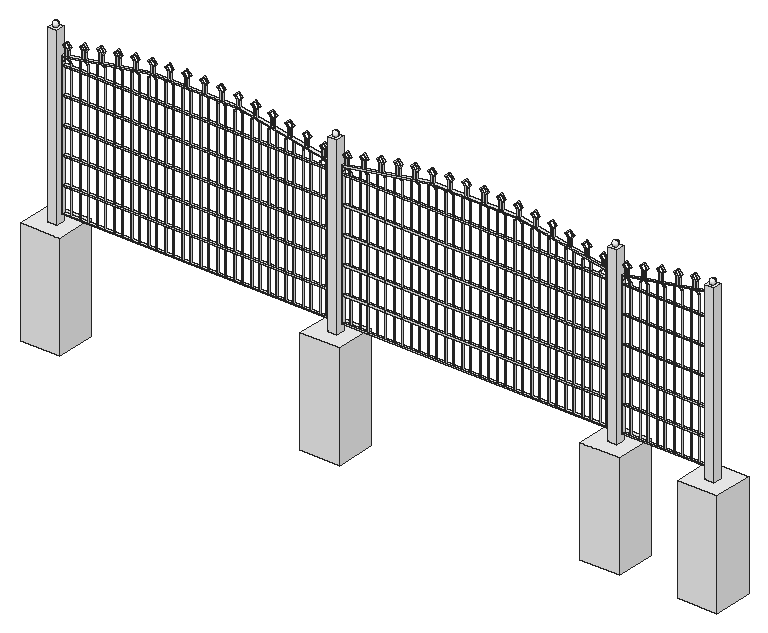
Revit family "NBS_BetafenceLimited_MtlMeshPnlFncngSym_DecoforArco", category Generic Models, Revit 2016
Family settings
  Part Type = Normal
  Can host rebar = No
  Round Connector Dimension = Use Diameter
  OmniClass Number = 23.11.25.19.21
  OmniClass Title = Panel Fences
  Work Plane-Based = No
  Cut with Voids When Loaded = No
  Shared = No
  Room Calculation Point = No
Parameters (values of type "Decofor Arco")
  WarrantyStartDate [instance] = "1900-12-31T23:59:59"
  WarrantyGuarantorParts = "n/a"
  WarrantyGuarantorLabor = "n/a"
  WarrantyDurationUnit = "year"
  WarrantyDurationParts = "n/a"
  WarrantyDurationLabor = "n/a"
  WarrantyDescription = "n/a"
  Version = "1"  # constant formula
  Uniclass2015Version = "Systems v1.6"
  Uniclass2015Title = "Metal mesh panel fencing systems"
  Uniclass2015Code = "Ss_25_14_67_51"
  TagNumber [instance] = "n/a"
  SystemAccessories = "n/a"
  SustainabilityPerformance = "n/a"
  StandardPostAxisOffset = 2130 mm  # constant formula
  Size = "n/a"
  SiteAppliedFinishes = "n/a"
  Shape = "n/a"
  SerialNumber [instance] = "n/a"
  Revision = "n/a"
  ReplacementCost = "n/a"
  Reference = "n/a"
  Rails = "n/a"
  ProductInformation = "//www.betafence.com/en/decofor"
  Posts = "n/a"
  PostThickness = 66 mm  # constant formula
  PostFoundations = "Installation guides available on request"
  Panels = "n/a"
  PanelThickness = 20 mm  # constant formula
  PanelSizeOptions = "2015 x 886 mm, 2015 x 1086 mm, 2015 x 1286 mm, 2015 x 1486 mm"
  PanelOffsetFromPostAxis = PostWidth / 2 + 21 mm  # 54 mm
  PanelOffsetFromPostCL = 10 mm  # constant formula
  PanelMaterial = NBS_BetafenceLimited_MtlMeshPnlFncngSym_DecoforArco_Grid
  PanelHeight = PostHeight - PanelElevation  # 1216 mm
  PanelElevation = 70 mm  # constant formula
  NumberOfStartPosts [instance] = if(HasPostAtStart, 1, 0)  # 1
  NumberOfPanels [instance] = if(HasNonStandardEndPanel, NumberOfWholePanels + 1, NumberOfWholePanels)  # 3
  NumberOfWholePanels [instance] = rounddown([built-in parameter 1001306] / StandardPostAxisOffset)  # 2
  NumberOfIntermediatePosts [instance] = NumberOfPanels - 1  # 2
  NumberOfEndPosts [instance] = if(HasPostOnEnd, 1, 0)  # 1
  NumberOfPosts [instance] = NumberOfStartPosts + NumberOfIntermediatePosts + NumberOfEndPosts  # 4
  NonStandardEndPanelLength [instance] = [built-in parameter 1001306] - StandardPostAxisOffset * NumberOfWholePanels  # 740 mm
  NominalWidth = StandardPostAxisOffset  # 2130 mm
  NominalLength = 0 mm
  NominalHeight = PostHeight  # 1286 mm
  Name = "MetalMeshPanelFencingSystem_DecoforArco_BetafenceLimited"
  NBSTypeID = "n/a"
  NBSReference = "25-20-30/145"
  NBSOfficeMasterTag = "n/a"
  NBSNote = "n/a"
  NBSDescription = "Metal mesh panel fencing system"
  NBSCertification = "www.nationalbimlibrary.com/cert/zpglcewa"
  ModelReference = "Decofor Arco"
  ModelNumber = "n/a"
  Material = "n/a"
  ManufacturerURL = "www.betafence.co.uk"
  ManufacturerName = "Betafence Limited"  # constant formula
  Manufacturer = "sales.sheffield@betafence.com"  # constant formula
  built-in parameter 1001306 [instance] = 5000 mm
  IsExternal = yes
  IsCentreAligned [instance] = no
  InstallationDate [instance] = "1900-12-31T23:59:59"
  IfcExportType = "NOTDEFINED"  # constant formula
  IfcExportAs = "IfcWallType"  # constant formula
  Height = 0 mm  # constant formula
  HasSingleWholePanel [instance] = NumberOfWholePanels = 1  # no
  HasSingleIntermediatePost [instance] = NumberOfIntermediatePosts = 1  # no
  HasMultipleWholePanels [instance] = NumberOfWholePanels > 1  # yes
  HasMultipleIntermediatePosts [instance] = NumberOfIntermediatePosts > 1  # yes
  HasFoundation [instance] = yes
  Has4FoldPanel = (PostHeight > 2001 mm)  # no
  Has3FoldPanel = not(Has4FoldPanel)  # yes
  Grade = "n/a"
  FoundationMaterial = NBS_Concept
  PostWidth = 66 mm  # constant formula
  PostMountDepth = 700 mm  # constant formula
  PostMaterial = NBS_Concept
  PostHeight = 1286 mm  # constant formula
  HasNonStandardEndPanel [instance] = ([built-in parameter 1001306] / StandardPostAxisOffset) > NumberOfWholePanels  # yes
  HasPostOnEnd [instance] = yes
  HasPostAtStart [instance] = yes
  FoundationWidth [instance] = 300 mm
  FoundationDepth [instance] = 800 mm
  Finish = "n/a"
  FenceTopping = "n/a"
  Features = "n/a"
  ExpectedLife = "n/a"
  DurationUnit = "year"
  Diameter = 0 mm
  Description = "n/a"
  Constituents = "n/a"
  Color = "n/a"
  CodePerformance = "n/a"
  Category = "Ss_25_14_67_51:Metal mesh panel fencing systems"
  CalculatedNumberOfWholePanels [instance] = if(NumberOfWholePanels < 2, 2, NumberOfWholePanels)  # 2
  CalculatedNumberOfIntermediatePosts [instance] = if(NumberOfIntermediatePosts < 2, 2, NumberOfIntermediatePosts)  # 2
  CalculatedNonStandardEndPanelLength [instance] = if(NonStandardEndPanelLength < 2 mm, 2 mm, NonStandardEndPanelLength)  # 740 mm
  BaseBoards = "n/a"
  BarCode [instance] = "n/a"
  BIMObjectName = "NBS_BetafenceLimited_MetalMeshPanelFencingSystem_DecoforArco"
  Author = "NBS"  # constant formula
  AssetType = "Fixed"
  AssetIdentifier [instance] = "n/a"
  Applications = "n/a"
  AccessibilityPerformance = "n/a"
Reference planes
  plane 1 "Center (Front/Back)": y = 0
  plane 2: z = 0
  plane 3 "Left": x = 0
  plane 4 "Right": x = 5000
  plane 5: x = 2130
  plane 6: x = 4260
  plane 7: z = 1286
  plane 8: y = 150
  plane 9: y = -150
  plane 10: y = -33
  plane 11: y = 33
  plane 12 "PanelElevation": z = 70
  plane 13: x = 4260
  plane 14: y = -10
  plane 15: z = 1486
Lines and regions (mm)
  reference lines
    curve 1: line (0, 0, 0) -> (5000, 0, 0)
Dimensions and locks
  "built-in parameter 1001306": plane 3 "Left" to plane 4 "Right"
  "StandardPostAxisOffset": plane 3 "Left" to plane 5
  "StandardPostAxisOffset": plane 5 to plane 6
  "PostHeight": plane 7 to plane 2
  equal spacing: plane 9, plane 1 "Center (Front/Back)", plane 8
  "FoundationWidth": plane 9 to plane 8
  equal spacing: plane 10, plane 1 "Center (Front/Back)", plane 11
  "PostThickness": plane 10 to plane 11
  "PanelElevation": plane 12 "PanelElevation" to plane 2
  "CalculatedNonStandardEndPanelLength": plane 13 to plane 4 "Right"
  group 1 to group 2 = 2130 mm
  group 1 to group 2 = 0 mm  (x2)
  "PanelOffsetFromPostCL": plane 14 to plane 1 "Center (Front/Back)"
  group 3 to group 4 = 2130 mm
  group 3 to group 4 = 0 mm  (x2)
  locked: plane 15 to plane 7 at 200
  aligned and locked: plane 4 "Right" to curve 1
  aligned and locked: plane 1 "Center (Front/Back)" to curve 1
  aligned and locked: plane 3 "Left" to curve 1
  aligned and locked: level to plane 2
  aligned and locked: plane 3 "Left" to nested 1
  aligned and locked: plane 1 "Center (Front/Back)" to nested 1
  aligned and locked: plane 4 "Right" to nested 3
  aligned and locked: plane 1 "Center (Front/Back)" to nested 3
  aligned and locked: nested 2 to plane 5
  aligned and locked: plane 1 "Center (Front/Back)" to nested 2
  aligned and locked: plane 3 "Left" to nested 4
  aligned and locked: plane 2 to nested 1
  aligned and locked: plane 2 to nested 2
  aligned and locked: plane 2 to nested 3
  aligned and locked: plane 2 to nested 5
  aligned and locked: nested 5 to plane 5
  aligned and locked: plane 1 "Center (Front/Back)" to nested 5
  aligned and locked: plane 3 "Left" to nested 6
  aligned and locked: nested 6 to nested 4
  aligned and locked: plane 14 to nested 6  (x2)
  aligned and locked: plane 14 to nested 4  (x2)
  aligned and locked: curve 1 to plane 2
  aligned and locked: nested 8 to plane 5
  aligned and locked: plane 14 to nested 8  (x2)
  aligned and locked: plane 12 "PanelElevation" to nested 4
  aligned and locked: plane 12 "PanelElevation" to nested 6
  aligned and locked: plane 12 "PanelElevation" to nested 8
  aligned and locked: nested 7 to plane 6
  aligned and locked: plane 14 to nested 9
  aligned and locked: plane 12 "PanelElevation" to nested 9
  aligned and locked: plane 4 "Right" to nested 9
Nested families
  nested 1: "NBS_BetafenceLimited_MtlMeshPnlFncngSym_DecoforArcoPost" at (0, 0, 0), visible <- "HasPostAtStart", FoundationMaterial <- "FoundationMaterial", FoundationDepth <- "FoundationDepth", FoundationWidth <- "FoundationWidth", PostMountDepth <- "PostMountDepth", PostHeight <- "PostHeight", PostMaterial <- "PostMaterial", HasFoundation <- "HasFoundation", type "NBS_BetafenceLimited_MtlMeshPnlFncngSym_DecoforArco_Post"
    with PostWidth 66 mm, PostThickness 66 mm, PostMountDepth 700 mm, PostMaterial NBS_Concept, PostHeight 1286 mm, PanelOffset 80 mm, HasFoundation yes, FoundationWidth 300 mm, FoundationMaterial NBS_Concept, FoundationDepth 800 mm
  nested 2: "NBS_BetafenceLimited_MtlMeshPnlFncngSym_DecoforArcoPost" at (2130, 0, 0), visible <- "HasSingleIntermediatePost", FoundationMaterial <- "FoundationMaterial", PostMaterial <- "PostMaterial", FoundationDepth <- "FoundationDepth", FoundationWidth <- "FoundationWidth", PostMountDepth <- "PostMountDepth", PostHeight <- "PostHeight", HasFoundation <- "HasFoundation", type "NBS_BetafenceLimited_MtlMeshPnlFncngSym_DecoforArco_Post"
    with PostWidth 66 mm, PostThickness 66 mm, PostMountDepth 700 mm, PostMaterial NBS_Concept, PostHeight 1286 mm, PanelOffset 80 mm, HasFoundation yes, FoundationWidth 300 mm, FoundationMaterial NBS_Concept, FoundationDepth 800 mm
  nested 3: "NBS_BetafenceLimited_MtlMeshPnlFncngSym_DecoforArcoPost" at (5000, 0, 0), visible <- "HasPostOnEnd", FoundationMaterial <- "FoundationMaterial", FoundationDepth <- "FoundationDepth", FoundationWidth <- "FoundationWidth", PostMountDepth <- "PostMountDepth", PostHeight <- "PostHeight", PostMaterial <- "PostMaterial", HasFoundation <- "HasFoundation", type "NBS_BetafenceLimited_MtlMeshPnlFncngSym_DecoforArco_Post"
    with PostWidth 66 mm, PostThickness 66 mm, PostMountDepth 700 mm, PostMaterial NBS_Concept, PostHeight 1286 mm, PanelOffset 80 mm, HasFoundation yes, FoundationWidth 300 mm, FoundationMaterial NBS_Concept, FoundationDepth 800 mm
  nested 4: "NBS_BetafenceLimited_MtlMeshPnlFncngSym_DecoforArco_Panel" at (0, -10, 70), visible <- "HasSingleWholePanel", PanelMaterial <- "PanelMaterial", PanelOffsetFromPostAxis <- "PanelOffsetFromPostAxis", Has4Folds <- "Has4FoldPanel", PanelThickness <- "PanelThickness", PanelLength <- "StandardPostAxisOffset", PanelHeight <- "PanelHeight", type "NBS_BetafenceLimited_MtlMeshPnlFncngSym_DecoforArco_Panel"
    with PanelThickness 20 mm, PanelOffsetFromPostAxis 54 mm, PanelMaterial NBS_BetafenceLimited_MtlMeshPnlFncngSym_DecoforArco_Grid, PanelLength 2130 mm, PanelHeight 1216 mm, PanelCLOffset 1010 mm, IsCentreAligned no, Has4Folds no, Has3Folds yes, CalculatedPanelLength 2130 mm
  nested 5: "NBS_BetafenceLimited_MtlMeshPnlFncngSym_DecoforArcoPost" at (2130, 0, 0), visible <- "HasMultipleIntermediatePosts", FoundationMaterial <- "FoundationMaterial", FoundationDepth <- "FoundationDepth", FoundationWidth <- "FoundationWidth", PostMountDepth <- "PostMountDepth", PostHeight <- "PostHeight", PostMaterial <- "PostMaterial", HasFoundation <- "HasFoundation", type "NBS_BetafenceLimited_MtlMeshPnlFncngSym_DecoforArco_Post"
    with PostWidth 66 mm, PostThickness 66 mm, PostMountDepth 700 mm, PostMaterial NBS_Concept, PostHeight 1286 mm, PanelOffset 80 mm, HasFoundation yes, FoundationWidth 300 mm, FoundationMaterial NBS_Concept, FoundationDepth 800 mm
  nested 6: "NBS_BetafenceLimited_MtlMeshPnlFncngSym_DecoforArco_Panel" at (0, -10, 70), visible <- "HasMultipleWholePanels", PanelMaterial <- "PanelMaterial", PanelOffsetFromPostAxis <- "PanelOffsetFromPostAxis", Has4Folds <- "Has4FoldPanel", PanelLength <- "StandardPostAxisOffset", PanelHeight <- "PanelHeight", type "NBS_BetafenceLimited_MtlMeshPnlFncngSym_DecoforArco_Panel"
    with PanelThickness 20 mm, PanelOffsetFromPostAxis 54 mm, PanelMaterial NBS_BetafenceLimited_MtlMeshPnlFncngSym_DecoforArco_Grid, PanelLength 2130 mm, PanelHeight 1216 mm, PanelCLOffset 1010 mm, IsCentreAligned no, Has4Folds no, Has3Folds yes, CalculatedPanelLength 2130 mm
  nested 7: "NBS_BetafenceLimited_MtlMeshPnlFncngSym_DecoforArcoPost" at (4260, 0, 0), visible <- "HasMultipleIntermediatePosts", FoundationMaterial <- "FoundationMaterial", FoundationDepth <- "FoundationDepth", FoundationWidth <- "FoundationWidth", PostMountDepth <- "PostMountDepth", PostHeight <- "PostHeight", PostMaterial <- "PostMaterial", HasFoundation <- "HasFoundation", type "NBS_BetafenceLimited_MtlMeshPnlFncngSym_DecoforArco_Post"
    with PostWidth 66 mm, PostThickness 66 mm, PostMountDepth 700 mm, PostMaterial NBS_Concept, PostHeight 1286 mm, PanelOffset 80 mm, HasFoundation yes, FoundationWidth 300 mm, FoundationMaterial NBS_Concept, FoundationDepth 800 mm
  nested 8: "NBS_BetafenceLimited_MtlMeshPnlFncngSym_DecoforArco_Panel" at (2130, -10, 70), visible <- "HasMultipleWholePanels", PanelMaterial <- "PanelMaterial", PanelOffsetFromPostAxis <- "PanelOffsetFromPostAxis", Has4Folds <- "Has4FoldPanel", PanelLength <- "StandardPostAxisOffset", PanelHeight <- "PanelHeight", type "NBS_BetafenceLimited_MtlMeshPnlFncngSym_DecoforArco_Panel"
    with PanelThickness 20 mm, PanelOffsetFromPostAxis 54 mm, PanelMaterial NBS_BetafenceLimited_MtlMeshPnlFncngSym_DecoforArco_Grid, PanelLength 2130 mm, PanelHeight 1216 mm, PanelCLOffset 1010 mm, IsCentreAligned no, Has4Folds no, Has3Folds yes, CalculatedPanelLength 2130 mm
  nested 9: "NBS_BetafenceLimited_MtlMeshPnlFncngSym_DecoforArco_Panel" at (4260, -10, 70), PanelOffsetFromPostAxis <- "PanelOffsetFromPostAxis", PanelLength <- "CalculatedNonStandardEndPanelLength", IsCentreAligned <- "IsCentreAligned", PanelHeight <- "PanelHeight", type "NBS_BetafenceLimited_MtlMeshPnlFncngSym_DecoforArco_Panel"
    with PanelThickness 20 mm, PanelOffsetFromPostAxis 54 mm, PanelMaterial NBS_BetafenceLimited_MtlMeshPnlFncngSym_DecoforArco_Grid, PanelLength 740 mm, PanelHeight 1216 mm, PanelCLOffset 1010 mm, IsCentreAligned no, Has4Folds yes, Has3Folds no, CalculatedPanelLength 740 mm
Definition of nested family "NBS_BetafenceLimited_MtlMeshPnlFncngSym_DecoforArcoPost"
  Parameters (values of type "NBS_BetafenceLimited_MtlMeshPnlFncngSym_DecoforArco_Post")
    PostThickness [instance] = 66 mm
    PanelOffset [instance] = 80 mm
    HasFoundation [instance] = yes
    FoundationMaterial [instance] = none
    PostMountDepth [instance] = 431 mm
    PostMaterial [instance] = none
    PostHeight [instance] = 1286 mm
    PostWidth [instance] = 66 mm
    FoundationWidth [instance] = 300 mm
    FoundationDepth [instance] = 500 mm
  Reference planes
    plane 1 "Center (Front/Back)": y = 0
    plane 2: z = 0
    plane 3 "Center (Left/Right)": x = 0
    plane 4: z = 1366
    plane 5: z = -500
    plane 6: z = -431
    plane 7: x = -150
    plane 8: x = 150
    plane 9: y = 150
    plane 10: y = -150
    plane 11 "PanelOffsetBase": z = 80
    plane 12: x = -33
    plane 13: x = 33
    plane 14: y = 33
    plane 15: y = -33
    plane 16: z = 1326
    plane 17: z = 1328
    plane 18: x = 7.5
    plane 19: z = 1346
  Forms (mm)
    Extrusion 1, solid, material <- "PostMaterial", detail levels coarse+medium
      sketch origin (0, 0, 0) x (1, 0, 0) y (0, 1, 0)
        loop
          line (-33, 33) -> (-33, -33) -> (33, -33) -> (33, 33) -> (-33, 33)
      from -431 to 1366
    Extrusion 2, solid, material <- "FoundationMaterial", visible <- "HasFoundation"
      sketch origin (0, 0, 0) x (1, 0, 0) y (0, 1, 0)
        loop
          line (-150, 150) -> (-150, -150) -> (150, -150) -> (150, 150) -> (-150, 150)
      from -500 to 0
    Extrusion 3, void
      sketch origin (0, 0, 0) x (1, 0, 0) y (0, 1, 0)
        loop
          line (-33, 33) -> (-33, -33) -> (33, -33) -> (33, 33) -> (-33, 33)
      from -431 to 0
    Extrusion 4, solid, material <- "PostMaterial", detail levels fine
      sketch origin (0, 0, 0) x (1, 0, 0) y (0, 1, 0)
        loop
          line (-33, 33) -> (-33, -33) -> (33, -33) -> (33, 33) -> (-33, 33)
      from -431 to 1326
    Revolve 5, solid, material <- "PostMaterial", detail levels fine
      sketch origin (0, 0, 0) x (1, 0, 0) y (0, 0, 1)
        loop
          arc (7.5, 1327.46) -> (19.632, 1349.82) -> (0, 1366) r 20
          line (0, 1366) -> (0, 1326) -> (7.5, 1326) -> (7.5, 1327.46)
        axis (0, 1366) -> (0, 1326)
      angle from 0 to 360
  Cuts and joins
    Extrusion 3 cuts Extrusion 2
  Dimensions and locks
    "PostHeight": plane 4 to plane 11 "PanelOffsetBase"
    "FoundationDepth": plane 2 to plane 5
    "PostMountDepth": plane 2 to plane 6
    equal spacing: plane 9, plane 1 "Center (Front/Back)", plane 10
    equal spacing: plane 7, plane 3 "Center (Left/Right)", plane 8
    "FoundationWidth": plane 9 to plane 10
    "FoundationWidth": plane 7 to plane 8
    equal spacing: Extrusion 3 sketch curve, plane 3 "Center (Left/Right)", Extrusion 3 sketch curve
    "PostWidth": Extrusion 3 sketch curve to Extrusion 3 sketch curve
    equal spacing: Extrusion 3 sketch curve, plane 1 "Center (Front/Back)", Extrusion 3 sketch curve
    "PostThickness": Extrusion 3 sketch curve to Extrusion 3 sketch curve
    "PanelOffset": plane 11 "PanelOffsetBase" to plane 2
    equal spacing: plane 14, plane 1 "Center (Front/Back)", plane 15
    "PostThickness": plane 14 to plane 15
    equal spacing: plane 12, plane 3 "Center (Left/Right)", plane 13
    "PostWidth": plane 12 to plane 13
    locked: plane 4 to plane 16 at 40
    locked: plane 17 to plane 16 at 2
    locked: plane 18 to plane 3 "Center (Left/Right)" at 7.5
    locked: plane 4 to plane 19 at 20
    aligned and locked: level to plane 2
    aligned and locked: plane 4 to Extrusion 1
    aligned and locked: Extrusion 2 sketch curve to plane 9
    aligned and locked: plane 7 to Extrusion 2 sketch curve
    aligned and locked: plane 10 to Extrusion 2 sketch curve
    aligned and locked: Extrusion 2 sketch curve to plane 8
    aligned and locked: plane 2 to Extrusion 2
    aligned and locked: plane 5 to Extrusion 2
    aligned and locked: plane 6 to Extrusion 1
    aligned and locked: plane 2 to cut or joined group of Extrusion 2, Extrusion 3
    aligned and locked: plane 6 to cut or joined group of Extrusion 2, Extrusion 3
    aligned and locked: plane 12 to Extrusion 1 sketch curve
    aligned and locked: plane 15 to Extrusion 1 sketch curve
    aligned and locked: Extrusion 1 sketch curve to plane 13
    aligned and locked: Extrusion 1 sketch curve to plane 14
    aligned and locked: Extrusion 4 sketch curve to plane 12
    aligned and locked: Extrusion 4 sketch curve to plane 14
    aligned and locked: Extrusion 4 sketch curve to plane 15
    aligned and locked: Extrusion 4 sketch curve to plane 13
    aligned and locked: plane 6 to Extrusion 4
    aligned and locked: plane 16 to Extrusion 4
    aligned and locked: Revolve 5 sketch curve to plane 18
    aligned and locked: Revolve 5 sketch curve to plane 3 "Center (Left/Right)"  (x2)
    aligned and locked: Revolve 5 sketch curve to plane 16
  Automatic sketch dimensions
    Revolve 5 sketch curve to plane 19 = 0 mm
    Revolve 5 sketch curve to plane 6 = 64.955 mm
    Revolve 5 sketch curve to Revolve 5 sketch curve = 848.315 mm
    radius of Revolve 5 sketch curve = 20 mm
Definition of nested family "NBS_BetafenceLimited_MtlMeshPnlFncngSym_DecoforArco_Panel"
  Parameters (values of type "NBS_BetafenceLimited_MtlMeshPnlFncngSym_DecoforArco")
    PanelOffsetFromPostAxis [instance] = 50 mm
    PanelThickness [instance] = 20 mm
    PanelMaterial [instance] = none
    PanelLength [instance] = 2130 mm
    PanelHeight [instance] = 1200 mm
    PanelCLOffset [instance] = if(IsCentreAligned, PanelLength * 0.5, 1010 mm)  # 1010 mm
    IsCentreAligned [instance] = no
    Has4Folds [instance] = yes
    Has3Folds [instance] = not(Has4Folds)  # no
    FrameMaterial = none
    CalculatedPanelLength [instance] = if(PanelLength < (PanelOffsetFromPostAxis * 2 + 2 mm), PanelOffsetFromPostAxis * 2 + 2 mm, PanelLength)  # 2130 mm
  Reference planes
    plane 1 "Center (Front/Back)": y = 0
    plane 2: z = 0
    plane 3 "Center (Left/Right)": x = 0
    plane 4: x = 2130
    plane 5: x = 50
    plane 6 "RightPostOffset": x = 2080
    plane 7: y = 20
    plane 8: z = 1200
    plane 9 "PanelCL": x = 1060
    plane 10 "LeftPostOffset": x = 50
    plane 11: x = 2070
    plane 12: z = 1008
    plane 13: z = 1285
    plane 14: z = 1066
    plane 15: y = 10
    plane 16: x = 82.5
    plane 17: x = 2037.5
    plane 18: x = 212.5
    plane 19: x = 342.5
    plane 20: x = 472.5
    plane 21: x = 602.5
    plane 22: x = 732.5
    plane 23: x = 862.5
    plane 24: x = 992.5
    plane 25: x = 1907.5
    plane 26: x = 1777.5
    plane 27: x = 1647.5
    plane 28: x = 1517.5
    plane 29: x = 1387.5
    plane 30: x = 1257.5
    plane 31: x = 1127.5
    plane 32: z = 201.6
    plane 33: z = 403.2
    plane 34: z = 604.8
    plane 35: z = 806.4
    plane 36: x = -2080
    plane 37: x = 4210
    plane 38: z = 1385
    plane 39: y = -5
    plane 40: y = 25
    plane 41: z = -5
    plane 42: y = 13
    plane 43: y = 7
    plane 44: z = 1047.393
    plane 45: z = 1114
    plane 46: z = 1135
    plane 47: z = 1168
    plane 48: z = 1029.393
    plane 49: x = 115
    plane 50: x = 50
    plane 51: x = 68.5
    plane 52: x = 96.5
    plane 53: x = 2023.5
    plane 54: x = 2051.5
    plane 55: x = 2005
    plane 56: z = 1298.884
    plane 57: z = 1266.384
    plane 58: z = 1245.384
    plane 59: z = 1180.384
    plane 60: z = 1162.384
    plane 61: x = 978.5
    plane 62: x = 960
    plane 63: x = 1006.5
    plane 64: x = 1025
    plane 65: x = 1095
    plane 66: x = 1113.5
    plane 67: x = 1141.5
    plane 68: x = 1160
    plane 69: z = 1294.223
    plane 70: z = 1261.723
    plane 71: z = 1240.723
    plane 72: z = 1175.723
    plane 73: z = 1157.723
    plane 74: x = 830
    plane 75: x = 848.5
    plane 76: x = 876.5
    plane 77: x = 895
    plane 78: x = 1225
    plane 79: x = 1243.5
    plane 80: x = 1271.5
    plane 81: x = 1290
    plane 82: z = 1284.973
    plane 83: z = 1252.473
    plane 84: z = 1231.473
    plane 85: z = 1166.473
    plane 86: z = 1148.473
    plane 87: x = 718.5
    plane 88: x = 700
    plane 89: x = 746.5
    plane 90: x = 765
    plane 91: x = 1373.5
    plane 92: x = 1401.5
    plane 93: x = 1420
    plane 94: x = 1355
    plane 95: z = 1271.098
    plane 96: z = 1238.598
    plane 97: z = 1217.598
    plane 98: z = 1152.598
    plane 99: z = 1134.598
    plane 100: x = 588.5
    plane 101: x = 570
    plane 102: x = 616.5
    plane 103: x = 635
    plane 104: x = 1503.5
    plane 105: x = 1485
    plane 106: x = 1531.5
    plane 107: x = 1550
    plane 108: z = 1252.545
    plane 109: z = 1220.045
    plane 110: z = 1199.045
    plane 111: z = 1134.045
    plane 112: z = 1116.045
    plane 113: x = 458.5
    plane 114: x = 486.5
    plane 115: x = 505
    plane 116: x = 440
    plane 117: x = 1633.5
    plane 118: x = 1615
    plane 119: x = 1661.5
    plane 120: x = 1680
    plane 121: z = 1229.243
    plane 122: z = 1196.743
    plane 123: z = 1175.743
    plane 124: z = 1110.743
    plane 125: z = 1092.743
    plane 126: x = 328.5
    plane 127: x = 356.5
    plane 128: x = 375
    plane 129: x = 310
    plane 130: x = 1763.5
    plane 131: x = 1791.5
    plane 132: x = 1810
    plane 133: x = 1745
    plane 134: z = 1201.099
    plane 135: z = 1168.599
    plane 136: z = 1147.599
    plane 137: z = 1082.599
    plane 138: z = 1064.599
    plane 139: x = 198.5
    plane 140: x = 226.5
    plane 141: x = 180
    plane 142: x = 245
    plane 143: x = 1893.5
    plane 144: x = 1921.5
    plane 145: x = 1875
    plane 146: x = 1940
  Forms (mm)
    Extrusion 1, solid, material <- "PanelMaterial", detail levels coarse+medium
      sketch origin (0, 0, 0) x (1, 0, 0) y (0, 0, 1)
        loop
          line (50, 1161.216) -> (50, 0) -> (2070, 0) -> (2070, 1161.216)
          arc (2070, 1161.216) -> (1060, 1292) -> (50, 1161.216) r 3965.343
      from -20 to 0
    Extrusion 2, solid, material <- "FrameMaterial", detail levels medium+fine
      sketch origin (0, 0, 0) x (1, 0, 0) y (0, 0, 1)
        loop
          line (50, 1066) -> (50, 0) -> (2070, 0) -> (2070, 1066)
          arc (2070, 1066) -> (1060, 1200) -> (50, 1066) r 3873.343
        loop
          line (58, 1059.869) -> (58, 1008) -> (2062, 1008) -> (2062, 1059.869)
          arc (2062, 1059.869) -> (1060, 1192) -> (58, 1059.869) r 3865.343
        loop
          line (58, 8) -> (2062, 8) -> (2062, 193.6) -> (58, 193.6) -> (58, 8)
        loop
          line (58, 806.4) -> (2062, 806.4) -> (2062, 1000) -> (58, 1000) -> (58, 806.4)
        loop
          line (58, 604.8) -> (2062, 604.8) -> (2062, 798.4) -> (58, 798.4) -> (58, 604.8)
        loop
          line (58, 403.2) -> (2062, 403.2) -> (2062, 596.8) -> (58, 596.8) -> (58, 403.2)
        loop
          line (58, 201.6) -> (2062, 201.6) -> (2062, 395.2) -> (58, 395.2) -> (58, 201.6)
      from -20 to 0
    Extrusion 3, void
      sketch origin (0, 0, 0) x (1, 0, 0) y (0, 1, 0)
        loop
          line (50, 25) -> (-2080, 25) -> (-2080, -5) -> (50, -5) -> (50, 25)
      from 0 to 1385
    Extrusion 4, void
      sketch origin (0, 0, 0) x (1, 0, 0) y (0, 1, 0)
        loop
          line (2080, 25) -> (2080, -5) -> (4210, -5) -> (4210, 25) -> (2080, 25)
      from 0 to 1385
    Extrusion 5, solid, material <- "FrameMaterial", detail levels fine
      sketch origin (0, 0, 0) x (1, 0, 0) y (0, 0, 1)
        loop
          line (115, 1008) -> (109, 1008) -> (109, 0) -> (115, 0) -> (115, 1008)
        loop
          line (245, 1008) -> (239, 1008) -> (239, 0) -> (245, 0) -> (245, 1008)
        loop
          line (180, 0) -> (186, 0) -> (186, 1008) -> (180, 1008) -> (180, 0)
        loop
          line (375, 1008) -> (369, 1008) -> (369, 0) -> (375, 0) -> (375, 1008)
        loop
          line (310, 0) -> (316, 0) -> (316, 1008) -> (310, 1008) -> (310, 0)
        loop
          line (505, 1008) -> (499, 1008) -> (499, 0) -> (505, 0) -> (505, 1008)
        loop
          line (440, 0) -> (446, 0) -> (446, 1008) -> (440, 1008) -> (440, 0)
        loop
          line (635, 1008) -> (629, 1008) -> (629, 0) -> (635, 0) -> (635, 1008)
        loop
          line (570, 0) -> (576, 0) -> (576, 1008) -> (570, 1008) -> (570, 0)
        loop
          line (765, 1008) -> (759, 1008) -> (759, 0) -> (765, 0) -> (765, 1008)
        loop
          line (700, 0) -> (706, 0) -> (706, 1008) -> (700, 1008) -> (700, 0)
        loop
          line (895, 1008) -> (889, 1008) -> (889, 0) -> (895, 0) -> (895, 1008)
        loop
          line (830, 0) -> (836, 0) -> (836, 1008) -> (830, 1008) -> (830, 0)
        loop
          line (1025, 1008) -> (1019, 1008) -> (1019, 0) -> (1025, 0) -> (1025, 1008)
        loop
          line (960, 0) -> (966, 0) -> (966, 1008) -> (960, 1008) -> (960, 0)
        loop
          line (1160, 1008) -> (1154, 1008) -> (1154, 0) -> (1160, 0) -> (1160, 1008)
        loop
          line (1095, 0) -> (1101, 0) -> (1101, 1008) -> (1095, 1008) -> (1095, 0)
        loop
          line (1290, 1008) -> (1284, 1008) -> (1284, 0) -> (1290, 0) -> (1290, 1008)
        loop
          line (1225, 0) -> (1231, 0) -> (1231, 1008) -> (1225, 1008) -> (1225, 0)
        loop
          line (1420, 1008) -> (1414, 1008) -> (1414, 0) -> (1420, 0) -> (1420, 1008)
        loop
          line (1355, 0) -> (1361, 0) -> (1361, 1008) -> (1355, 1008) -> (1355, 0)
        loop
          line (1550, 1008) -> (1544, 1008) -> (1544, 0) -> (1550, 0) -> (1550, 1008)
        loop
          line (1485, 0) -> (1491, 0) -> (1491, 1008) -> (1485, 1008) -> (1485, 0)
        loop
          line (1680, 1008) -> (1674, 1008) -> (1674, 0) -> (1680, 0) -> (1680, 1008)
        loop
          line (1615, 0) -> (1621, 0) -> (1621, 1008) -> (1615, 1008) -> (1615, 0)
        loop
          line (1810, 1008) -> (1804, 1008) -> (1804, 0) -> (1810, 0) -> (1810, 1008)
        loop
          line (1745, 0) -> (1751, 0) -> (1751, 1008) -> (1745, 1008) -> (1745, 0)
        loop
          line (1940, 1008) -> (1934, 1008) -> (1934, 0) -> (1940, 0) -> (1940, 1008)
        loop
          line (1875, 0) -> (1881, 0) -> (1881, 1008) -> (1875, 1008) -> (1875, 0)
        loop
          line (2070, 1008) -> (2064, 1008) -> (2064, 0) -> (2070, 0) -> (2070, 1008)
        loop
          line (2005, 0) -> (2011, 0) -> (2011, 1008) -> (2005, 1008) -> (2005, 0)
        loop
          line (50, 1008) -> (50, 0) -> (56, 0) -> (56, 1008) -> (50, 1008)
      from -13 to -7
    Extrusion 6, solid, material <- "FrameMaterial", detail levels fine
      sketch origin (10, 0, 0) x (1, 0, 0) y (0, 0, 1)
        loop
          line (40, 1008) -> (46, 1008) -> (46, 1026.859) -> (64.5, 1044.859) -> (64.5, 1116.266) -> (48.197, 1134.772) -> (72.5, 1159.449) -> (96.803, 1134.772) -> (80.5, 1116.266) -> (80.5, 1044.859) -> (99, 1026.859) -> (99, 1008) -> (105, 1008) -> (105, 1029.393) -> (86.5, 1047.393) -> (86.5, 1114) -> (105, 1135) -> (72.5, 1168) -> (40, 1135) -> (58.5, 1114) -> (58.5, 1047.393) -> (40, 1029.393) -> (40, 1008)
        loop
          line (2060, 1008) -> (2060, 1029.393) -> (2041.5, 1047.393) -> (2041.5, 1114) -> (2060, 1135) -> (2027.5, 1168) -> (1995, 1135) -> (2013.5, 1114) -> (2013.5, 1047.393) -> (1995, 1029.393) -> (1995, 1008) -> (2001, 1008) -> (2001, 1026.859) -> (2019.5, 1044.859) -> (2019.5, 1116.266) -> (2003.197, 1134.772) -> (2027.5, 1159.449) -> (2051.803, 1134.772) -> (2035.5, 1116.266) -> (2035.5, 1044.859) -> (2054, 1026.859) -> (2054, 1008) -> (2060, 1008)
        loop
          line (950, 1162.384) -> (950, 1008) -> (956, 1008) -> (956, 1159.85) -> (974.5, 1177.85) -> (974.5, 1247.65) -> (958.225, 1266.124) -> (982.5, 1290.399) -> (1006.775, 1266.124) -> (990.5, 1247.65) -> (990.5, 1177.85) -> (1009, 1159.85) -> (1009, 1008) -> (1015, 1008) -> (1015, 1162.384) -> (996.5, 1180.384) -> (996.5, 1245.384) -> (1015, 1266.384) -> (982.5, 1298.884) -> (950, 1266.384) -> (968.5, 1245.384) -> (968.5, 1180.384) -> (950, 1162.384)
        loop
          line (1085, 1162.384) -> (1085, 1008) -> (1091, 1008) -> (1091, 1159.85) -> (1109.5, 1177.85) -> (1109.5, 1247.65) -> (1093.225, 1266.124) -> (1117.5, 1290.399) -> (1141.775, 1266.124) -> (1125.5, 1247.65) -> (1125.5, 1177.85) -> (1144, 1159.85) -> (1144, 1008) -> (1150, 1008) -> (1150, 1162.384) -> (1131.5, 1180.384) -> (1131.5, 1245.384) -> (1150, 1266.384) -> (1117.5, 1298.884) -> (1085, 1266.384) -> (1103.5, 1245.384) -> (1103.5, 1180.384) -> (1085, 1162.384)
        loop
          line (820, 1157.723) -> (820, 1008) -> (826, 1008) -> (826, 1155.19) -> (844.5, 1173.19) -> (844.5, 1242.989) -> (828.225, 1261.463) -> (852.5, 1285.738) -> (876.775, 1261.463) -> (860.5, 1242.989) -> (860.5, 1173.19) -> (879, 1155.19) -> (879, 1008) -> (885, 1008) -> (885, 1157.723) -> (866.5, 1175.723) -> (866.5, 1240.723) -> (885, 1261.723) -> (852.5, 1294.223) -> (820, 1261.723) -> (838.5, 1240.723) -> (838.5, 1175.723) -> (820, 1157.723)
        loop
          line (1215, 1157.723) -> (1215, 1008) -> (1221, 1008) -> (1221, 1155.19) -> (1239.5, 1173.19) -> (1239.5, 1242.989) -> (1223.225, 1261.463) -> (1247.5, 1285.738) -> (1271.775, 1261.463) -> (1255.5, 1242.989) -> (1255.5, 1173.19) -> (1274, 1155.19) -> (1274, 1008) -> (1280, 1008) -> (1280, 1157.723) -> (1261.5, 1175.723) -> (1261.5, 1240.723) -> (1280, 1261.723) -> (1247.5, 1294.223) -> (1215, 1261.723) -> (1233.5, 1240.723) -> (1233.5, 1175.723) -> (1215, 1157.723)
        loop
          line (755, 1148.473) -> (736.5, 1166.473) -> (736.5, 1231.473) -> (755, 1252.473) -> (722.5, 1284.973) -> (690, 1252.473) -> (708.5, 1231.473) -> (708.5, 1166.473) -> (690, 1148.473) -> (690, 1008) -> (696, 1008) -> (696, 1145.939) -> (714.5, 1163.939) -> (714.5, 1233.739) -> (698.225, 1252.213) -> (722.5, 1276.488) -> (746.775, 1252.213) -> (730.5, 1233.739) -> (730.5, 1163.939) -> (749, 1145.939) -> (749, 1008) -> (755, 1008) -> (755, 1148.473)
        loop
          line (1410, 1148.473) -> (1391.5, 1166.473) -> (1391.5, 1231.473) -> (1410, 1252.473) -> (1377.5, 1284.973) -> (1345, 1252.473) -> (1363.5, 1231.473) -> (1363.5, 1166.473) -> (1345, 1148.473) -> (1345, 1008) -> (1351, 1008) -> (1351, 1145.939) -> (1369.5, 1163.939) -> (1369.5, 1233.739) -> (1353.225, 1252.213) -> (1377.5, 1276.488) -> (1401.775, 1252.213) -> (1385.5, 1233.739) -> (1385.5, 1163.939) -> (1404, 1145.939) -> (1404, 1008) -> (1410, 1008) -> (1410, 1148.473)
        loop
          line (625, 1134.598) -> (606.5, 1152.598) -> (606.5, 1217.598) -> (625, 1238.598) -> (592.5, 1271.098) -> (560, 1238.598) -> (578.5, 1217.598) -> (578.5, 1152.598) -> (560, 1134.598) -> (560, 1008) -> (566, 1008) -> (566, 1132.064) -> (584.5, 1150.064) -> (584.5, 1219.863) -> (568.225, 1238.338) -> (592.5, 1262.612) -> (616.775, 1238.338) -> (600.5, 1219.863) -> (600.5, 1150.064) -> (619, 1132.064) -> (619, 1008) -> (625, 1008) -> (625, 1134.598)
        loop
          line (1540, 1134.598) -> (1521.5, 1152.598) -> (1521.5, 1217.598) -> (1540, 1238.598) -> (1507.5, 1271.098) -> (1475, 1238.598) -> (1493.5, 1217.598) -> (1493.5, 1152.598) -> (1475, 1134.598) -> (1475, 1008) -> (1481, 1008) -> (1481, 1132.064) -> (1499.5, 1150.064) -> (1499.5, 1219.863) -> (1483.225, 1238.338) -> (1507.5, 1262.612) -> (1531.775, 1238.338) -> (1515.5, 1219.863) -> (1515.5, 1150.064) -> (1534, 1132.064) -> (1534, 1008) -> (1540, 1008) -> (1540, 1134.598)
        loop
          line (495, 1116.045) -> (476.5, 1134.045) -> (476.5, 1199.045) -> (495, 1220.045) -> (462.5, 1252.545) -> (430, 1220.045) -> (448.5, 1199.045) -> (448.5, 1134.045) -> (430, 1116.045) -> (430, 1008) -> (436, 1008) -> (436, 1113.511) -> (454.5, 1131.511) -> (454.5, 1201.311) -> (438.225, 1219.785) -> (462.5, 1244.059) -> (486.775, 1219.785) -> (470.5, 1201.311) -> (470.5, 1131.511) -> (489, 1113.511) -> (489, 1008) -> (495, 1008) -> (495, 1116.045)
        loop
          line (1670, 1116.045) -> (1651.5, 1134.045) -> (1651.5, 1199.045) -> (1670, 1220.045) -> (1637.5, 1252.545) -> (1605, 1220.045) -> (1623.5, 1199.045) -> (1623.5, 1134.045) -> (1605, 1116.045) -> (1605, 1008) -> (1611, 1008) -> (1611, 1113.511) -> (1629.5, 1131.511) -> (1629.5, 1201.311) -> (1613.225, 1219.785) -> (1637.5, 1244.059) -> (1661.775, 1219.785) -> (1645.5, 1201.311) -> (1645.5, 1131.511) -> (1664, 1113.511) -> (1664, 1008) -> (1670, 1008) -> (1670, 1116.045)
        loop
          line (300, 1092.743) -> (300, 1008) -> (306, 1008) -> (306, 1090.209) -> (324.5, 1108.209) -> (324.5, 1178.009) -> (308.225, 1196.483) -> (332.5, 1220.758) -> (356.775, 1196.483) -> (340.5, 1178.009) -> (340.5, 1108.209) -> (359, 1090.209) -> (359, 1008) -> (365, 1008) -> (365, 1092.743) -> (346.5, 1110.743) -> (346.5, 1175.743) -> (365, 1196.743) -> (332.5, 1229.243) -> (300, 1196.743) -> (318.5, 1175.743) -> (318.5, 1110.743) -> (300, 1092.743)
        loop
          line (1735, 1092.743) -> (1735, 1008) -> (1741, 1008) -> (1741, 1090.209) -> (1759.5, 1108.209) -> (1759.5, 1178.009) -> (1743.225, 1196.483) -> (1767.5, 1220.758) -> (1791.775, 1196.483) -> (1775.5, 1178.009) -> (1775.5, 1108.209) -> (1794, 1090.209) -> (1794, 1008) -> (1800, 1008) -> (1800, 1092.743) -> (1781.5, 1110.743) -> (1781.5, 1175.743) -> (1800, 1196.743) -> (1767.5, 1229.243) -> (1735, 1196.743) -> (1753.5, 1175.743) -> (1753.5, 1110.743) -> (1735, 1092.743)
        loop
          line (170, 1064.599) -> (170, 1008) -> (176, 1008) -> (176, 1062.066) -> (194.5, 1080.066) -> (194.5, 1149.865) -> (178.225, 1168.339) -> (202.5, 1192.614) -> (226.775, 1168.339) -> (210.5, 1149.865) -> (210.5, 1080.066) -> (229, 1062.066) -> (229, 1008) -> (235, 1008) -> (235, 1064.599) -> (216.5, 1082.599) -> (216.5, 1147.599) -> (235, 1168.599) -> (202.5, 1201.099) -> (170, 1168.599) -> (188.5, 1147.599) -> (188.5, 1082.599) -> (170, 1064.599)
        loop
          line (1865, 1064.599) -> (1865, 1008) -> (1871, 1008) -> (1871, 1062.066) -> (1889.5, 1080.066) -> (1889.5, 1149.865) -> (1873.225, 1168.339) -> (1897.5, 1192.614) -> (1921.775, 1168.339) -> (1905.5, 1149.865) -> (1905.5, 1080.066) -> (1924, 1062.066) -> (1924, 1008) -> (1930, 1008) -> (1930, 1064.599) -> (1911.5, 1082.599) -> (1911.5, 1147.599) -> (1930, 1168.599) -> (1897.5, 1201.099) -> (1865, 1168.599) -> (1883.5, 1147.599) -> (1883.5, 1082.599) -> (1865, 1064.599)
      from -13 to -7
  Cuts and joins
    Extrusion 3, Extrusion 4 cuts Extrusion 2
    Extrusion 3, Extrusion 4 cuts Extrusion 1
    Extrusion 3, Extrusion 4 cuts Extrusion 5
    Extrusion 3, Extrusion 4 cuts Extrusion 6
  Lines and regions (mm)
    reference lines
      curve 1: arc (50, 0, 1066) -> (1060, 0, 1200) -> (2070, 0, 1066) r 3873.343
      curve 2: arc (82.5, 0, 1168) -> (1060, 0, 1299.5) -> (2037.5, 0, 1168) r 3698.854
  Dimensions and locks
    "CalculatedPanelLength": plane 3 "Center (Left/Right)" to plane 4
    "PanelOffsetFromPostAxis": plane 3 "Center (Left/Right)" to plane 5
    "PanelOffsetFromPostAxis": plane 6 "RightPostOffset" to plane 4
    "PanelHeight": plane 8 to plane 2
    "PanelThickness": plane 1 "Center (Front/Back)" to plane 7
    "PanelCLOffset": plane 5 to plane 9 "PanelCL"
    equal spacing: plane 10 "LeftPostOffset", plane 9 "PanelCL", plane 11
    locked: plane 10 "LeftPostOffset" to plane 11 at 2020
    locked: plane 8 to plane 12 at 192
    locked: plane 13 to plane 8 at 85
    locked: plane 14 to plane 12 at 58
    equal spacing: plane 1 "Center (Front/Back)", plane 15, plane 7
    equal spacing: plane 31, plane 9 "PanelCL", plane 24
    locked: plane 31 to plane 24 at 135
    equal spacing: plane 24, plane 23, plane 22, plane 21, plane 20, plane 19, plane 18, plane 16
    equal spacing: plane 31, plane 30, plane 29, plane 28, plane 27, plane 26, plane 25, plane 17
    locked: plane 16 to plane 10 "LeftPostOffset" at 32.5
    locked: plane 17 to plane 11 at 32.5
    equal spacing: plane 12, plane 35, plane 34, plane 33, plane 32, plane 2
    locked: plane 38 to plane 13 at 100
    locked: plane 5 to plane 36 at 2130
    locked: plane 37 to plane 6 "RightPostOffset" at 2130
    locked: plane 7 to plane 40 at 5
    locked: plane 39 to plane 1 "Center (Front/Back)" at 5
    locked: plane 2 to plane 41 at 5
    equal spacing: plane 42, plane 15, plane 43
    locked: plane 42 to plane 43 at 6
    locked: plane 14 to plane 44 at 18.607
    locked: plane 44 to plane 48 at 18
    locked: plane 45 to plane 14 at 48
    locked: plane 46 to plane 45 at 21
    locked: plane 47 to plane 46 at 33
    equal spacing: plane 52, plane 16, plane 51
    locked: plane 52 to plane 51 at 28
    equal spacing: plane 49, plane 16, plane 50
    locked: plane 49 to plane 50 at 65
    equal spacing: plane 53, plane 17, plane 54
    locked: plane 53 to plane 54 at 28
    locked: plane 17 to plane 55 at 32.5
    locked: plane 56 to plane 12 at 290.884
    locked: plane 56 to plane 57 at 32.5
    locked: plane 57 to plane 58 at 21
    locked: plane 58 to plane 59 at 65
    locked: plane 59 to plane 60 at 18
    equal spacing: plane 67, plane 31, plane 66
    locked: plane 67 to plane 66 at 28
    equal spacing: plane 68, plane 31, plane 65
    locked: plane 68 to plane 65 at 65
    equal spacing: plane 63, plane 24, plane 61
    locked: plane 63 to plane 61 at 28
    equal spacing: plane 64, plane 24, plane 62
    locked: plane 64 to plane 62 at 65
    locked: plane 69 to plane 12 at 286.223
    locked: plane 69 to plane 70 at 32.5
    locked: plane 70 to plane 71 at 21
    locked: plane 71 to plane 72 at 65
    locked: plane 72 to plane 73 at 18
    equal spacing: plane 76, plane 23, plane 75
    locked: plane 76 to plane 75 at 28
    equal spacing: plane 77, plane 23, plane 74
    locked: plane 77 to plane 74 at 65
    equal spacing: plane 80, plane 30, plane 79
    locked: plane 80 to plane 79 at 28
    equal spacing: plane 81, plane 30, plane 78
    locked: plane 81 to plane 78 at 65
    locked: plane 82 to plane 12 at 276.973
    locked: plane 82 to plane 83 at 32.5
    locked: plane 83 to plane 84 at 21
    locked: plane 84 to plane 85 at 65
    locked: plane 85 to plane 86 at 18
    equal spacing: plane 89, plane 22, plane 87
    locked: plane 89 to plane 87 at 28
    equal spacing: plane 90, plane 22, plane 88
    locked: plane 90 to plane 88 at 65
    equal spacing: plane 92, plane 29, plane 91
    locked: plane 92 to plane 91 at 28
    equal spacing: plane 93, plane 29, plane 94
    locked: plane 93 to plane 94 at 65
    locked: plane 95 to plane 12 at 263.098
    locked: plane 95 to plane 96 at 32.5
    locked: plane 96 to plane 97 at 21
    locked: plane 97 to plane 98 at 65
    locked: plane 98 to plane 99 at 18
    equal spacing: plane 102, plane 21, plane 100
    locked: plane 102 to plane 100 at 28
    equal spacing: plane 103, plane 21, plane 101
    locked: plane 103 to plane 101 at 65
    equal spacing: plane 106, plane 28, plane 104
    locked: plane 106 to plane 104 at 28
    equal spacing: plane 107, plane 28, plane 105
    locked: plane 107 to plane 105 at 65
    locked: plane 108 to plane 12 at 244.545
    locked: plane 108 to plane 109 at 32.5
    locked: plane 109 to plane 110 at 21
    locked: plane 110 to plane 111 at 65
    locked: plane 111 to plane 112 at 18
    equal spacing: plane 114, plane 20, plane 113
    locked: plane 114 to plane 113 at 28
    equal spacing: plane 115, plane 20, plane 116
    locked: plane 115 to plane 116 at 65
    equal spacing: plane 119, plane 27, plane 117
    locked: plane 119 to plane 117 at 28
    equal spacing: plane 120, plane 27, plane 118
    locked: plane 120 to plane 118 at 65
    locked: plane 121 to plane 12 at 221.243
    locked: plane 121 to plane 122 at 32.5
    locked: plane 122 to plane 123 at 21
    locked: plane 123 to plane 124 at 65
    locked: plane 124 to plane 125 at 18
    equal spacing: plane 127, plane 19, plane 126
    locked: plane 127 to plane 126 at 28
    equal spacing: plane 128, plane 19, plane 129
    locked: plane 128 to plane 129 at 65
    equal spacing: plane 131, plane 26, plane 130
    locked: plane 131 to plane 130 at 28
    equal spacing: plane 132, plane 26, plane 133
    locked: plane 132 to plane 133 at 65
    locked: plane 134 to plane 12 at 193.099
    locked: plane 134 to plane 135 at 32.5
    locked: plane 135 to plane 136 at 21
    locked: plane 136 to plane 137 at 65
    locked: plane 137 to plane 138 at 18
    equal spacing: plane 140, plane 18, plane 139
    locked: plane 140 to plane 139 at 28
    equal spacing: plane 142, plane 18, plane 141
    locked: plane 142 to plane 141 at 65
    equal spacing: plane 144, plane 25, plane 143
    locked: plane 144 to plane 143 at 28
    equal spacing: plane 146, plane 25, plane 145
    locked: plane 146 to plane 145 at 65
    aligned and locked: level to plane 2
    aligned and locked: Extrusion 1 sketch curve to plane 10 "LeftPostOffset"
    aligned and locked: Extrusion 1 sketch curve to plane 11
    aligned and locked: Extrusion 1 sketch curve to plane 2
    aligned and locked: Extrusion 1 to plane 7
    aligned and locked: plane 1 "Center (Front/Back)" to Extrusion 1
    aligned and locked: Extrusion 2 sketch curve to plane 10 "LeftPostOffset"
    aligned and locked: Extrusion 2 sketch curve to plane 11
    aligned and locked: Extrusion 2 sketch curve to plane 2
    aligned and locked: Extrusion 2 to plane 7
    aligned and locked: plane 1 "Center (Front/Back)" to Extrusion 2
    aligned and locked: Extrusion 2 sketch curve to plane 12
    aligned and locked: Extrusion 2 sketch curve to plane 35
    aligned and locked: Extrusion 2 sketch curve to plane 34
    aligned and locked: Extrusion 2 sketch curve to plane 33
    aligned and locked: Extrusion 2 sketch curve to plane 32
    aligned and locked: Extrusion 3 sketch curve to plane 5
    aligned and locked: Extrusion 3 sketch curve to plane 39
    aligned and locked: Extrusion 3 sketch curve to plane 40
    aligned and locked: Extrusion 3 sketch curve to plane 36
    aligned and locked: plane 38 to Extrusion 3
    aligned and locked: Extrusion 4 sketch curve to plane 6 "RightPostOffset"
    aligned and locked: Extrusion 4 sketch curve to plane 40
    aligned and locked: Extrusion 4 sketch curve to plane 39
    aligned and locked: Extrusion 4 sketch curve to plane 37
    aligned and locked: Extrusion 4 to plane 38
    aligned and locked: plane 42 to Extrusion 5
    aligned and locked: Extrusion 5 to plane 43
    aligned and locked: Extrusion 5 sketch curve to plane 50
    aligned and locked: Extrusion 5 sketch curve to plane 12
    aligned and locked: Extrusion 5 sketch curve to plane 2
    aligned and locked: plane 50 to curve 1
    aligned and locked: plane 11 to curve 1
    aligned and locked: plane 14 to curve 1
    aligned and locked: plane 48 to Extrusion 6 sketch curve  (x4)
    aligned and locked: plane 44 to Extrusion 6 sketch curve  (x4)
    aligned and locked: plane 45 to Extrusion 6 sketch curve  (x4)
    aligned and locked: plane 46 to Extrusion 6 sketch curve  (x4)
    aligned and locked: plane 47 to Extrusion 6 sketch curve  (x2)
    aligned and locked: plane 49 to Extrusion 6 sketch curve  (x2)
    aligned and locked: plane 50 to Extrusion 6 sketch curve  (x2)
    aligned and locked: plane 16 to Extrusion 6 sketch curve  (x2)
    aligned and locked: plane 51 to Extrusion 6 sketch curve
    aligned and locked: plane 12 to Extrusion 6 sketch curve  (x11)
    aligned and locked: plane 52 to Extrusion 6 sketch curve
    aligned and locked: plane 42 to Extrusion 6
    aligned and locked: Extrusion 6 to plane 43
    aligned and locked: plane 11 to Extrusion 6 sketch curve  (x2)
    aligned and locked: plane 54 to Extrusion 6 sketch curve  (x2)
    aligned and locked: plane 17 to Extrusion 6 sketch curve  (x2)
    aligned and locked: plane 55 to Extrusion 6 sketch curve  (x2)
    aligned and locked: plane 53 to Extrusion 6 sketch curve
    aligned and locked: plane 48 to cut or joined group of Extrusion 3, Extrusion 4, Extrusion 6  (x2)
    aligned and locked: Extrusion 6 sketch curve to plane 64
    aligned and locked: Extrusion 6 sketch curve to plane 62
    aligned and locked: Extrusion 6 sketch curve to plane 12  (x23)
    aligned and locked: plane 60 to Extrusion 6 sketch curve  (x3)
    aligned and locked: plane 59 to Extrusion 6 sketch curve  (x4)
    aligned and locked: plane 58 to Extrusion 6 sketch curve  (x4)
    aligned and locked: plane 57 to Extrusion 6 sketch curve  (x3)
    aligned and locked: Extrusion 6 sketch curve to plane 65
    aligned and locked: Extrusion 6 sketch curve to plane 68
    aligned and locked: Extrusion 6 sketch curve to plane 60
    aligned and locked: Extrusion 6 sketch curve to plane 66
    aligned and locked: Extrusion 6 sketch curve to plane 67
    aligned and locked: Extrusion 6 sketch curve to plane 57
    aligned and locked: plane 68 to Extrusion 6 sketch curve
    aligned and locked: plane 65 to Extrusion 6 sketch curve
    aligned and locked: plane 31 to Extrusion 6 sketch curve  (x2)
    aligned and locked: plane 64 to Extrusion 6 sketch curve
    aligned and locked: plane 62 to Extrusion 6 sketch curve
    aligned and locked: plane 24 to Extrusion 6 sketch curve  (x2)
    aligned and locked: plane 63 to Extrusion 6 sketch curve
    aligned and locked: plane 61 to Extrusion 6 sketch curve
    aligned and locked: Extrusion 6 sketch curve to plane 74
    aligned and locked: Extrusion 6 sketch curve to plane 77
    aligned and locked: Extrusion 6 sketch curve to plane 76
    aligned and locked: Extrusion 6 sketch curve to plane 75
    aligned and locked: plane 73 to Extrusion 6 sketch curve  (x4)
    aligned and locked: plane 72 to Extrusion 6 sketch curve  (x4)
    aligned and locked: plane 70 to Extrusion 6 sketch curve  (x4)
    aligned and locked: plane 71 to Extrusion 6 sketch curve  (x4)
    aligned and locked: Extrusion 6 sketch curve to plane 78
    aligned and locked: Extrusion 6 sketch curve to plane 81
    aligned and locked: Extrusion 6 sketch curve to plane 80
    aligned and locked: Extrusion 6 sketch curve to plane 79
    aligned and locked: plane 16 to curve 2
    aligned and locked: plane 17 to cut or joined group of Extrusion 3, Extrusion 4, Extrusion 6
    aligned and locked: plane 17 to curve 2
    aligned and locked: Extrusion 6 sketch curve to plane 90
    aligned and locked: Extrusion 6 sketch curve to plane 89
    aligned and locked: Extrusion 6 sketch curve to plane 87
    aligned and locked: Extrusion 6 sketch curve to plane 88
    aligned and locked: plane 86 to Extrusion 6 sketch curve  (x3)
    aligned and locked: plane 85 to Extrusion 6 sketch curve  (x4)
    aligned and locked: plane 23 to Extrusion 6 sketch curve  (x2)
    aligned and locked: plane 30 to Extrusion 6 sketch curve  (x2)
    aligned and locked: plane 84 to Extrusion 6 sketch curve  (x4)
    aligned and locked: plane 83 to Extrusion 6 sketch curve  (x3)
    aligned and locked: plane 90 to Extrusion 6 sketch curve
    aligned and locked: plane 88 to Extrusion 6 sketch curve
    aligned and locked: plane 22 to Extrusion 6 sketch curve  (x2)
    aligned and locked: plane 82 to Extrusion 6 sketch curve  (x2)
    aligned and locked: Extrusion 6 sketch curve to plane 93
    aligned and locked: Extrusion 6 sketch curve to plane 92
    aligned and locked: Extrusion 6 sketch curve to plane 94
    aligned and locked: Extrusion 6 sketch curve to plane 91
    aligned and locked: Extrusion 6 sketch curve to plane 86
    aligned and locked: plane 92 to Extrusion 6 sketch curve
    aligned and locked: Extrusion 6 sketch curve to plane 83
    aligned and locked: plane 29 to Extrusion 6 sketch curve  (x2)
    aligned and locked: plane 93 to Extrusion 6 sketch curve
    aligned and locked: plane 94 to Extrusion 6 sketch curve
    aligned and locked: Extrusion 6 sketch curve to plane 103
    aligned and locked: Extrusion 6 sketch curve to plane 102
    aligned and locked: Extrusion 6 sketch curve to plane 100
    aligned and locked: Extrusion 6 sketch curve to plane 101
    aligned and locked: plane 99 to Extrusion 6 sketch curve  (x4)
    aligned and locked: plane 98 to Extrusion 6 sketch curve  (x4)
    aligned and locked: plane 97 to Extrusion 6 sketch curve  (x4)
    aligned and locked: plane 96 to Extrusion 6 sketch curve  (x4)
    aligned and locked: plane 21 to Extrusion 6 sketch curve  (x2)
    aligned and locked: plane 103 to Extrusion 6 sketch curve
    aligned and locked: plane 101 to Extrusion 6 sketch curve
    aligned and locked: Extrusion 6 sketch curve to plane 107
    aligned and locked: Extrusion 6 sketch curve to plane 106
    aligned and locked: Extrusion 6 sketch curve to plane 104
    aligned and locked: Extrusion 6 sketch curve to plane 105
    aligned and locked: plane 28 to Extrusion 6 sketch curve  (x2)
    aligned and locked: plane 107 to Extrusion 6 sketch curve
    aligned and locked: plane 105 to Extrusion 6 sketch curve
    aligned and locked: Extrusion 6 sketch curve to plane 115
    aligned and locked: Extrusion 6 sketch curve to plane 114
    aligned and locked: Extrusion 6 sketch curve to plane 113
    aligned and locked: Extrusion 6 sketch curve to plane 116
    aligned and locked: plane 112 to Extrusion 6 sketch curve  (x4)
    aligned and locked: plane 111 to Extrusion 6 sketch curve  (x4)
    aligned and locked: plane 110 to Extrusion 6 sketch curve  (x4)
    aligned and locked: plane 109 to Extrusion 6 sketch curve  (x4)
    aligned and locked: plane 116 to Extrusion 6 sketch curve
    aligned and locked: plane 20 to Extrusion 6 sketch curve  (x2)
    aligned and locked: plane 115 to Extrusion 6 sketch curve
    aligned and locked: Extrusion 6 sketch curve to plane 120
    aligned and locked: Extrusion 6 sketch curve to plane 119
    aligned and locked: Extrusion 6 sketch curve to plane 117
    aligned and locked: Extrusion 6 sketch curve to plane 118
    aligned and locked: plane 118 to Extrusion 6 sketch curve
    aligned and locked: plane 108 to Extrusion 6 sketch curve
    aligned and locked: plane 27 to Extrusion 6 sketch curve  (x2)
    aligned and locked: plane 120 to Extrusion 6 sketch curve
    aligned and locked: Extrusion 6 sketch curve to plane 129
    aligned and locked: Extrusion 6 sketch curve to plane 126
    aligned and locked: Extrusion 6 sketch curve to plane 127
    aligned and locked: Extrusion 6 sketch curve to plane 128
    aligned and locked: plane 124 to Extrusion 6 sketch curve  (x4)
    aligned and locked: plane 125 to Extrusion 6 sketch curve  (x4)
    aligned and locked: plane 122 to Extrusion 6 sketch curve  (x4)
    aligned and locked: plane 123 to Extrusion 6 sketch curve  (x4)
    aligned and locked: plane 128 to Extrusion 6 sketch curve
    aligned and locked: plane 129 to Extrusion 6 sketch curve
    aligned and locked: plane 19 to Extrusion 6 sketch curve  (x2)
    aligned and locked: Extrusion 6 sketch curve to plane 133
    aligned and locked: Extrusion 6 sketch curve to plane 130
    aligned and locked: Extrusion 6 sketch curve to plane 131
    aligned and locked: Extrusion 6 sketch curve to plane 132
    aligned and locked: plane 132 to Extrusion 6 sketch curve
    aligned and locked: plane 26 to Extrusion 6 sketch curve  (x2)
    aligned and locked: plane 133 to Extrusion 6 sketch curve
    aligned and locked: Extrusion 6 sketch curve to plane 141
    aligned and locked: Extrusion 6 sketch curve to plane 139
    aligned and locked: Extrusion 6 sketch curve to plane 140
    aligned and locked: Extrusion 6 sketch curve to plane 142
    aligned and locked: plane 137 to Extrusion 6 sketch curve  (x4)
    aligned and locked: plane 138 to Extrusion 6 sketch curve  (x4)
    aligned and locked: plane 136 to Extrusion 6 sketch curve  (x4)
    aligned and locked: plane 135 to Extrusion 6 sketch curve  (x4)
    aligned and locked: plane 141 to Extrusion 6 sketch curve
    aligned and locked: plane 18 to Extrusion 6 sketch curve  (x2)
    aligned and locked: plane 142 to Extrusion 6 sketch curve
    aligned and locked: Extrusion 6 sketch curve to plane 145
    aligned and locked: Extrusion 6 sketch curve to plane 143
    aligned and locked: Extrusion 6 sketch curve to plane 144
    aligned and locked: Extrusion 6 sketch curve to plane 146
    aligned and locked: plane 145 to Extrusion 6 sketch curve
    aligned and locked: plane 146 to Extrusion 6 sketch curve
    aligned and locked: plane 25 to Extrusion 6 sketch curve  (x2)
    aligned and locked: plane 77 to Extrusion 6 sketch curve
    aligned and locked: plane 74 to Extrusion 6 sketch curve
    aligned and locked: plane 81 to Extrusion 6 sketch curve
    aligned and locked: plane 78 to Extrusion 6 sketch curve
    aligned and locked: plane 47 to curve 2
  Automatic sketch dimensions
    plane 9 "PanelCL" to Extrusion 2 sketch curve = 0 mm
    Extrusion 2 sketch curve to plane 14 = 0 mm
    Extrusion 2 sketch curve to Extrusion 2 sketch curve = 0 mm  (x11)
    plane 11 to Extrusion 2 sketch curve = 8 mm
    Extrusion 2 sketch curve to plane 14 = 6.131 mm  (x2)
    level to Extrusion 2 sketch curve = 8 mm
    Extrusion 2 sketch curve to level = 2673.343 mm
    Extrusion 2 sketch curve to plane 12 = 8 mm
    Extrusion 2 sketch curve to plane 34 = 8 mm
    Extrusion 2 sketch curve to plane 33 = 8 mm
    Extrusion 2 sketch curve to Extrusion 2 sketch curve = 8 mm  (x2)
    plane 10 "LeftPostOffset" to Extrusion 2 sketch curve = 8 mm
    Extrusion 5 sketch curve to level = 0 mm  (x31)
    Extrusion 5 sketch curve to plane 12 = 0 mm  (x31)
    plane 11 to Extrusion 5 sketch curve = 0 mm
    plane 16 to Extrusion 5 sketch curve = 26.5 mm
    Extrusion 5 sketch curve to Extrusion 5 sketch curve = 6 mm  (x30)
    Extrusion 5 sketch curve to plane 18 = 32.5 mm
    plane 18 to Extrusion 5 sketch curve = 26.5 mm
    Extrusion 5 sketch curve to plane 19 = 32.5 mm
    plane 19 to Extrusion 5 sketch curve = 26.5 mm
    Extrusion 5 sketch curve to plane 20 = 32.5 mm
    plane 20 to Extrusion 5 sketch curve = 26.5 mm
    Extrusion 5 sketch curve to plane 21 = 32.5 mm
    plane 21 to Extrusion 5 sketch curve = 26.5 mm
    Extrusion 5 sketch curve to plane 22 = 32.5 mm
    plane 22 to Extrusion 5 sketch curve = 26.5 mm
    Extrusion 5 sketch curve to plane 23 = 32.5 mm
    plane 23 to Extrusion 5 sketch curve = 26.5 mm
    Extrusion 5 sketch curve to plane 24 = 32.5 mm
    plane 24 to Extrusion 5 sketch curve = 26.5 mm
    plane 31 to Extrusion 5 sketch curve = 32.5 mm
    Extrusion 5 sketch curve to plane 31 = 26.5 mm
    plane 30 to Extrusion 5 sketch curve = 32.5 mm
    Extrusion 5 sketch curve to plane 30 = 26.5 mm
    plane 29 to Extrusion 5 sketch curve = 32.5 mm
    Extrusion 5 sketch curve to plane 29 = 26.5 mm
    plane 28 to Extrusion 5 sketch curve = 32.5 mm
    Extrusion 5 sketch curve to plane 28 = 26.5 mm
    plane 27 to Extrusion 5 sketch curve = 32.5 mm
    Extrusion 5 sketch curve to plane 27 = 26.5 mm
    plane 26 to Extrusion 5 sketch curve = 32.5 mm
    Extrusion 5 sketch curve to plane 26 = 26.5 mm
    plane 25 to Extrusion 5 sketch curve = 32.5 mm
    Extrusion 5 sketch curve to plane 25 = 26.5 mm
    plane 17 to Extrusion 5 sketch curve = 32.5 mm
    plane 11 to Extrusion 5 sketch curve = 6 mm
    plane 10 "LeftPostOffset" to Extrusion 5 sketch curve = 6 mm
    plane 9 "PanelCL" to Extrusion 1 sketch curve = 0 mm
    Extrusion 1 sketch curve to plane 8 = 38.784 mm
    Extrusion 1 sketch curve to plane 41 = 2668.343 mm
    plane 9 "PanelCL" to curve 2 = 0 mm
    plane 9 "PanelCL" to curve 1 = 0 mm
    curve 1 to curve 2 = 273.99 mm
    curve 2 to plane 41 = 2394.354 mm
    Extrusion 6 sketch curve to plane 57 = 0.26 mm  (x4)
    plane 58 to Extrusion 6 sketch curve = 2.266 mm  (x4)
    plane 61 to Extrusion 6 sketch curve = 6 mm
    Extrusion 6 sketch curve to plane 59 = 2.534 mm  (x4)
    Extrusion 6 sketch curve to plane 63 = 6 mm
    Extrusion 6 sketch curve to plane 64 = 6 mm
    Extrusion 6 sketch curve to plane 60 = 2.534 mm  (x4)
    plane 62 to Extrusion 6 sketch curve = 6 mm
    plane 62 to Extrusion 6 sketch curve = 8.225 mm
    Extrusion 6 sketch curve to plane 64 = 8.225 mm
    plane 65 to Extrusion 6 sketch curve = 6 mm
    plane 66 to Extrusion 6 sketch curve = 6 mm
    Extrusion 6 sketch curve to plane 68 = 8.225 mm
    Extrusion 6 sketch curve to plane 67 = 6 mm
    Extrusion 6 sketch curve to plane 68 = 6 mm
    Extrusion 6 sketch curve to plane 69 = 3.825 mm
    Extrusion 6 sketch curve to plane 73 = 2.534 mm  (x4)
    plane 74 to Extrusion 6 sketch curve = 6 mm
    plane 71 to Extrusion 6 sketch curve = 2.266 mm  (x4)
    Extrusion 6 sketch curve to plane 72 = 2.534 mm  (x4)
    plane 75 to Extrusion 6 sketch curve = 6 mm
    Extrusion 6 sketch curve to plane 70 = 0.26 mm  (x4)
    Extrusion 6 sketch curve to plane 77 = 8.225 mm
    Extrusion 6 sketch curve to plane 76 = 6 mm
    Extrusion 6 sketch curve to plane 77 = 6 mm
    plane 74 to Extrusion 6 sketch curve = 8.225 mm
    plane 78 to Extrusion 6 sketch curve = 6 mm
    plane 79 to Extrusion 6 sketch curve = 6 mm
    Extrusion 6 sketch curve to plane 81 = 8.225 mm
